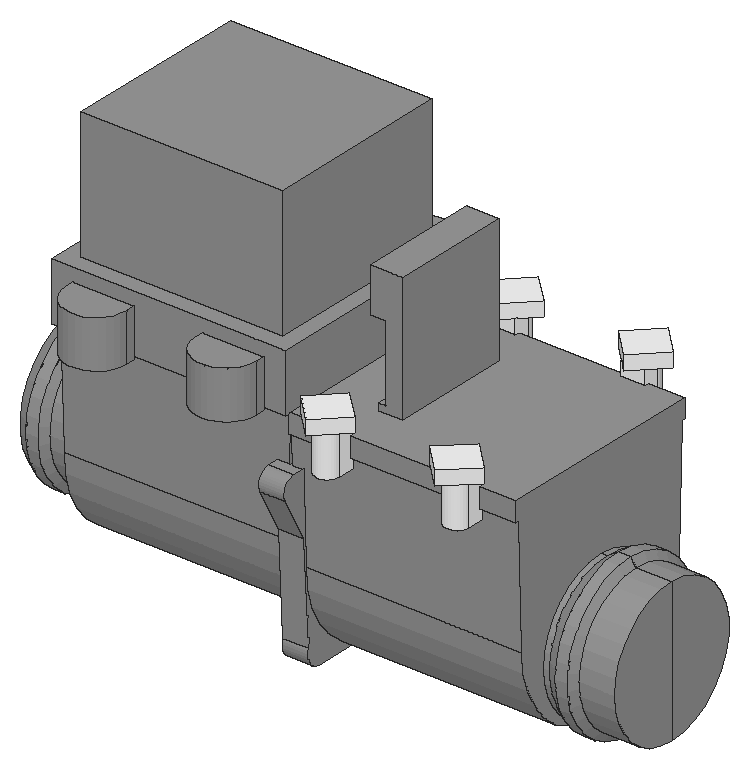
Revit family "HL_Механический канализационный затвор_HL710.2EPC", category Příslušenství trubek, Revit 2016
Family settings
  Typ součásti = Normální
  Kóta kulaté spojky = Použít průměr
  Číslo OmniClass = 23.65.55.14.21
  Nadpis OmniClass = Non-Return Valves for Liquid Services
  Založené na pracovní rovině = Ne
  Vždy vertikální = Ano
  Ořezat dutým tvarem při načtení = Ne
  Sdílené = Ne
Parameters
  РАЗМЕР = "DN110"
  ПРОПУСКНАЯ СПОСОБНОСТЬ [instance] = 0.0 m³/h
  ПРАВОВАЯ ИНФОРМАЦИЯ = "\"Copyright (©), design rights or any other intellectual property rights, shall be the exclusive property of HL Hutterer & Lechner GmbH. Modification is not allowed. Family has been watermarked.\""
  ПАДЕНИЕ ДАВЛЕНИЯ [instance] = 0.0 Pa
  НОМИНАЛЬНЫЙ ДИАМЕТР 2 = 110 mm
  НОМИНАЛЬНЫЙ ДИАМЕТР = 110 mm
  МАТЕРИАЛ = "ABS"
  ВЫСОТА МОНТАЖА = "354 mm"
  ВЕС = "6,6 kg"
  Výrobce = "HL Hutterer & Lechner GmbH"
  URL = "http://www.hutterer-lechner.com/en/products/catalog/roof-drains/HL710.2EPC.aspx"
  Description = "Anti flood valves"
  Model = "HL710.2EPC"
  Type Comments = "anti-flood valve DN110 with electronically controlled flap, additional stainless steel flap and manual blocking. With interface"
  Keynote = "HL710.2EPC"
  EAN = "9003076008469"
  Cena = 0
Types (2, lengths in mm): name | ПРАВОВАЯ ИНФОРМАЦИЯ | URL | Description | Type Comments
  (no name) | "\"Copyright (©), design rights or any other intellectual property rights, shall be the exclusive property of HL Hutterer & Lechner GmbH. Modification is not allowed. Family has been watermarked.\"" | "http://www.hutterer-lechner.com/en/products/catalog/roof-drains/HL710.2EPC.aspx" | "Anti flood valves" | "anti-flood valve DN110 with electronically controlled flap, additional stainless steel flap and manual blocking. With interface"
  HL_Механический канализационный затвор_HL710.2EPC | "\"Авторские права(©), права на дизайн или какие либо другие права интелектуальной собственности являются исключительной собственностью компании HL Hutterer & Lechner. Изменению не подлежит. Файл семейства с данными о прозводителе изделия защищен паролем с водяным знаком.\"" | "http://www.hutterer-lechner.com/ru/products/catalog/roof-drains/HL710.2EPC.aspx" | "Механический канализационный затвор" | "Механический магистральный канализационный затвор DN110 с электроприводной заслонкой, с дополнительной заслонкой из нержавеющей стали и ручным затвором . С возможностью поключения к компьютеру."
Reference planes
  plane 1 "Střed (vpředu/vzadu)": y = 0
  plane 2: z = 0
  plane 3 "Střed (vlevo/vpravo)": x = 0
Forms (mm)
  Sweep 1, solid, material "Plastic - Orange", detail levels fine
    path origin (291.79, -0.031, 108.14) x (1, 0, 0) y (0, 1, 0)
      loop
        line (94.75, 0) -> (-94.75, 0)
    profile origin (291.79, -0.031, 108.14) x (0, -1, 0) y (0, 0, 1)
      loop
        line (0, 0) -> (-88.191, 0) -> (-88.191, -16) -> (-85.007, -16) -> (-81.517, -115.939)
        arc (-81.517, -115.939) -> (-58.546, -174.931) -> (0, -199.017) r 80.412
        arc (0, -199.017) -> (58.546, -174.931) -> (81.517, -115.939) r 80.412
        line (81.517, -115.939) -> (85.007, -16) -> (88.191, -16) -> (88.191, 0) -> (0, 0)
  Extrusion 2, solid, material "Plactic - White", detail levels fine
    sketch origin (291.79, -0.031, 108.14) x (1, 0, 0) y (0, 1, 0)
      loop
        line (54, -121.127) -> (76.627, -98.5) -> (54, -75.873) -> (31.373, -98.5) -> (54, -121.127)
    from 11.235 to 23.235
  Extrusion 3, solid, material "Plactic - White", detail levels fine
    sketch origin (291.79, -0.031, 119.375) x (0, 1, 0) y (1, 0, 0)
      loop
        arc (-98.5, 64) -> (-108.5, 54) -> (-98.5, 44) r 10
        line (-98.5, 44) -> (-84.694, 44) -> (-84.694, 64) -> (-98.5, 64)
    from 0 to 37.235
  Extrusion 4, solid, material "Plactic - White", detail levels fine
    sketch origin (183.79, -0.031, 108.14) x (1, 0, 0) y (0, 1, 0)
      loop
        line (54, -121.127) -> (76.627, -98.5) -> (54, -75.873) -> (31.373, -98.5) -> (54, -121.127)
    from 11.235 to 23.235
  Extrusion 5, solid, material "Plactic - White", detail levels fine
    sketch origin (183.79, -0.031, 119.375) x (0, 1, 0) y (1, 0, 0)
      loop
        arc (-98.5, 64) -> (-108.5, 54) -> (-98.5, 44) r 10
        line (-98.5, 44) -> (-84.694, 44) -> (-84.694, 64) -> (-98.5, 64)
    from 0 to 37.235
  Extrusion 6, solid, material "Plactic - White", detail levels fine
    sketch origin (291.79, -0.031, 108.14) x (1, 0, 0) y (0, 1, 0)
      loop
        line (54, 121.127) -> (31.373, 98.5) -> (54, 75.873) -> (76.627, 98.5) -> (54, 121.127)
    from 11.235 to 23.235
  Extrusion 7, solid, material "Plactic - White", detail levels fine
    sketch origin (291.79, -0.031, 119.375) x (0, -1, 0) y (1, 0, 0)
      loop
        arc (-98.5, 64) -> (-108.5, 54) -> (-98.5, 44) r 10
        line (-98.5, 44) -> (-84.694, 44) -> (-84.694, 64) -> (-98.5, 64)
    from 0 to 37.235
  Extrusion 8, solid, material "Plactic - White", detail levels fine
    sketch origin (183.79, -0.031, 108.14) x (1, 0, 0) y (0, 1, 0)
      loop
        line (54, 121.127) -> (31.373, 98.5) -> (54, 75.873) -> (76.627, 98.5) -> (54, 121.127)
    from 11.235 to 23.235
  Extrusion 9, solid, material "Plactic - White", detail levels fine
    sketch origin (183.79, -0.031, 119.375) x (0, 1, 0) y (1, 0, 0)
      loop
        line (98.5, 64) -> (84.694, 64) -> (84.694, 44) -> (98.5, 44)
        arc (98.5, 44) -> (108.5, 54) -> (98.5, 64) r 10
    from 0 to 37.235
  Sweep 10, solid, material "Plastic - Orange", not visible, detail levels fine
    path origin (291.79, -0.031, 108.14) x (1, 0, 0) y (0, 0, 1)
      loop
        line (154.383, -137.5) -> (94.75, -137.5)
    profile origin (416.356, -0.031, -29.36) x (0, 0, -1) y (0, -1, 0)
      loop
        circle (0, 0) r 55
  Extrusion 11, solid, material "Plastic - Red", detail levels fine
    sketch origin (294.392, 0, 108.14) x (1, 0, 0) y (0, 0, 1)
      loop
        line (-32.383, 106.5) -> (-58.883, 106.5) -> (-58.883, 69) -> (-46.383, 69) -> (-46.383, 5.902) -> (-52.472, 5.902) -> (-52.472, 0) -> (-32.383, 0) -> (-32.383, 106.5)
    from -50 to 50
  Sweep 12, solid, material "Plastic - Orange", detail levels fine
    path origin (99.75, -0.031, 123.14) x (1, 0, 0) y (0, 1, 0)
      loop
        line (94.75, 0) -> (-94.75, 0)
    profile origin (99.75, -0.031, 123.14) x (0, -1, 0) y (0, 0, 1)
      loop
        line (85.007, -16) -> (-85.007, -16) -> (-81.517, -115.939)
        arc (-81.517, -115.939) -> (-58.546, -174.931) -> (0, -199.017) r 80.412
        arc (0, -199.017) -> (58.546, -174.931) -> (81.517, -115.939) r 80.412
        line (81.517, -115.939) -> (85.007, -16)
  Revolve 13, solid, material "Plastic - Orange", detail levels fine
    sketch origin (99.75, -0.031, 123.14) x (1, 0, 0) y (0, 0, 1)
      loop
        line (-149.117, -123.14) -> (-94.75, -123.14) -> (-94.75, -63.685) -> (-124.977, -63.685) -> (-129.134, -56.965) -> (-139.134, -56.965) -> (-149.117, -63.14) -> (-149.117, -123.14)
      axis (-94.75, -123.14) -> (-149.117, -123.14)
    angle from 0 to 360
  Extrusion 14, solid, material "Plastic - Orange", detail levels fine
    sketch origin (198.153, 0, 123.14) x (0, 1, 0) y (0, 0, 1)
      loop
        line (0, -56.5) -> (-93.75, -56.5)
        arc (-93.75, -56.5) -> (-102.843, -61.75) -> (-102.843, -72.25) r 10.5
        line (-102.843, -72.25) -> (-83.203, -108.667) -> (-78.818, -192.347)
        arc (-78.818, -192.347) -> (-77.775, -203.969) -> (-67.5, -209.5) r 12.31
        line (-67.5, -209.5) -> (0, -209.5) -> (67.5, -209.5)
        arc (67.5, -209.5) -> (77.775, -203.969) -> (78.818, -192.347) r 12.31
        line (78.818, -192.347) -> (83.203, -108.667) -> (102.843, -72.25)
        arc (102.843, -72.25) -> (102.843, -61.75) -> (93.75, -56.5) r 10.5
        line (93.75, -56.5) -> (0, -56.5)
    from -12.945 to 8.055
  Extrusion 15, solid, material "Plastic - Orange", detail levels fine
    sketch origin (194.5, 84.976, 107.14) x (-1, 0, 0) y (0, -1, 0)
      loop
        line (192.39, 176.616) -> (-3.099, 176.616) -> (-3.099, -6.664) -> (192.39, -6.664) -> (192.39, 176.616)
    from 0 to 48.5
  Extrusion 16, solid, material "Plastic - Orange", detail levels fine
    sketch origin (169.082, 0, 155.64) x (1, 0, 0) y (0, 1, 0)
      loop
        arc (-40.722, -99.205) -> (-15.332, -124.595) -> (10.058, -99.205) r 25.39
        line (10.058, -99.205) -> (10.058, -91.64) -> (-40.722, -91.64) -> (-40.722, -99.205)
    from -51 to -11
  Extrusion 17, solid, material "Plastic - Orange", detail levels fine
    sketch origin (194.5, 84.976, 155.64) x (-1, 0, 0) y (0, -1, 0)
      loop
        line (178.644, 162.87) -> (10.856, 162.87) -> (10.856, 7.082) -> (178.644, 7.082) -> (178.644, 162.87)
    from 0 to 108.5
  Extrusion 18, solid, material "Plastic - Orange", detail levels fine
    sketch origin (-130.918, 0, 155.64) x (1, 0, 0) y (0, 1, 0)
      loop
        arc (151.278, -99.205) -> (176.668, -124.595) -> (202.058, -99.205) r 25.39
        line (202.058, -99.205) -> (202.058, -91.64) -> (151.278, -91.64) -> (151.278, -99.205)
    from -51 to -11
  Extrusion 19, solid, material "Plastic - Orange", detail levels fine
    sketch origin (169.082, 0, 155.64) x (1, 0, 0) y (0, 1, 0)
      loop
        line (-40.722, 99.205) -> (-40.722, 91.64) -> (10.058, 91.64) -> (10.058, 99.205)
        arc (10.058, 99.205) -> (-15.332, 124.595) -> (-40.722, 99.205) r 25.39
    from -51 to -11
  Extrusion 20, solid, material "Plastic - Orange", detail levels fine
    sketch origin (-130.918, 0, 155.64) x (1, 0, 0) y (0, 1, 0)
      loop
        line (151.278, 99.205) -> (151.278, 91.64) -> (202.058, 91.64) -> (202.058, 99.205)
        arc (202.058, 99.205) -> (176.668, 124.595) -> (151.278, 99.205) r 25.39
    from -51 to -11
  Revolve 21, solid, material "Plastic - Orange", detail levels fine
    sketch origin (540.923, -0.031, 93.78) x (1, 0, 0) y (0, 0, 1)
      loop
        line (-154.383, -123.14) -> (-94.75, -123.14) -> (-94.75, -63.685) -> (-124.977, -63.685) -> (-129.134, -56.965) -> (-139.134, -56.965) -> (-149.117, -63.14) -> (-154.383, -63.14) -> (-154.383, -123.14)
      axis (-94.75, -123.14) -> (-154.383, -123.14)
    angle from 0 to 360
Lines and regions (mm)
  symbolic lines, style "Symbol", detail levels coarse+medium
    curve 1: line (446.173, 0, 0) -> (0, 0, 0)
    curve 2: line (348.086, -60, 0) -> (348.086, 60, 0)
    curve 3: line (348.086, 60, 0) -> (98.086, 60, 0)
    curve 4: line (98.086, -60, 0) -> (98.086, 60, 0)
    curve 9: line (223.086, -105, 0) -> (223.086, 105, 0)
    curve 10: line (348.086, -60, 0) -> (98.086, -60, 0)
  model lines, style "Symbol", detail levels coarse+medium
    curve 5: line (0, 0, 0) -> (446.173, 0, -29.36)
    curve 6: line (348.086, 0, -74.68) -> (348.086, 0, 45.32)
    curve 7: line (348.086, 0, 45.32) -> (98.086, 0, 45.32)
    curve 8: line (98.086, 0, -74.68) -> (98.086, 0, 45.32)
    curve 13: line (348.086, 0, -74.68) -> (98.086, 0, -74.68)
  model lines, detail levels coarse+medium
    curve 11: line (223.086, 0, -14.68) -> (223.086, 0, 90.32)
    curve 12: line (223.086, 0, -119.68) -> (223.086, 0, -14.68)
Dimensions and locks
  aligned and locked: level to plane 2
Connectors
  piping at (0, 0, 0), diameter 110, driven by "ПАДЕНИЕ ДАВЛЕНИЯ", driven by "НОМИНАЛЬНЫЙ ДИАМЕТР", driven by "ПРОПУСКНАЯ СПОСОБНОСТЬ"
    settings: on plane 3 "Střed (vlevo/vpravo)", index 1, connector inside diameter 609.6 mm, connector length 0 mm, flow factor 0, pipe flow 0.0 m³/h, pressure drop 0.0 Pa, fitting loss kfactor 0, connector angle 0.00°, fixture units 0, engagement length 0 mm, angle of deflection 0.00°, flow configuration 0, flow direction 0, fitting loss method 4, system type 16, joint type 0, gender type 0, connector reference index -1, connector utility 0, adjustable connector no, is connector primary yes, connector description ""
  piping at (446.173, -0.031, -29.36), diameter 110, driven by "НОМИНАЛЬНЫЙ ДИАМЕТР 2", driven by "ПРОПУСКНАЯ СПОСОБНОСТЬ"
    settings: on Sweep 10, index 2, connector inside diameter 609.6 mm, connector length 0 mm, flow factor 0, pipe flow 0.0 m³/h, pressure drop 0.0 Pa, fitting loss kfactor 0, connector angle 0.00°, fixture units 0, engagement length 0 mm, angle of deflection 0.00°, flow configuration 1, flow direction 2, fitting loss method 4, system type 16, joint type 0, gender type 0, connector reference index -1, connector utility 0, adjustable connector no, is connector primary no, connector description ""
